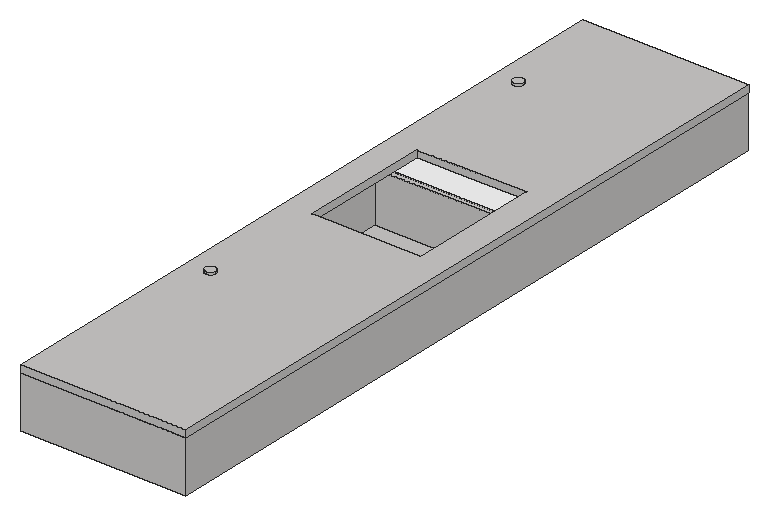
Revit family "rba-bim-B380349", category Plumbing Fixtures, host Face, Revit 2018
Family settings
  Host = Face
  Round Connector Dimension = Use Diameter
  Part Type = Normal
  OmniClass Number = 23.40.20.21.21
  OmniClass Title = Toilet Paper Dispensers
  Cut with Voids When Loaded = No
  Shared = Yes
  Room Calculation Point = No
Parameters (values of type "B-380349")
  URL = "www.rba.com.au"
  Type Comments = "Satin Finish"
  Modified Issue = "20200831.01"
  Model = "B-380349"
  Materials and Finishes = Stainless Steel Satin Finish
  Manufacturer = "Bobrick Washroom Equipment, Inc."
  Keynote = ""
  Description = "Surface-Mounted Paper Towel Dispenser And Waste Receptacle"
  Default Elevation = 1219.20 mm
  Copyright by = "RBA Group"  # constant formula
  Assembly Code = "C1030200"
  ADA Compliant = yes
Reference planes
  plane 1 "Center (Front/Back)": y = 0
  plane 2: z = 0
  plane 3 "Center (Left/Right)": x = 0
  plane 4: x = -165.1
  plane 5: x = 165.1
  plane 6: y = -700.088
  plane 7: y = 700.087
  plane 8: x = -119.062
  plane 9: x = -109.537
  plane 10: x = 107.95
  plane 11: z = 103.187
  plane 12: z = 117.475
  plane 13: y = -674.688
  plane 14: y = 674.687
  plane 15: x = 139.7
  plane 16: x = -139.7
  plane 17: y = -284.163
  plane 18: y = -44.45
  plane 19: y = 206.375
  plane 20: y = 482.6
  plane 21: y = 219.075
  plane 22: y = 179.387
  plane 23 "Elevation": y = 160.337
  plane 24: y = 150.812
  plane 25: z = 1.587
  plane 26: z = 120.65
Forms (mm)
  Extrusion 1, solid, material "Stainless Steel Satin Finish" <- "Materials and Finishes"
    sketch origin (0, 0, 0) x (1, 0, 0) y (0, 1, 0)
      loop
        line (-165.1, 700.087) -> (-165.1, -700.088) -> (165.1, -700.088) -> (165.1, 700.087) -> (-165.1, 700.087)
    from 0 to 1.587
  Extrusion 2, solid, material "Stainless Steel Satin Finish" <- "Materials and Finishes"
    sketch origin (0, 0, 0) x (1, 0, 0) y (0, 1, 0)
      loop
        line (-165.1, 700.087) -> (-165.1, -700.088) -> (165.1, -700.088) -> (165.1, 700.087) -> (-165.1, 700.087)
      loop
        line (-139.7, 674.687) -> (-139.7, -674.688) -> (139.7, -674.688) -> (139.7, 674.687) -> (-139.7, 674.687)
    from 0 to 103.187
  Extrusion 3, solid, material "Stainless Steel Satin Finish" <- "Materials and Finishes"
    sketch origin (0, 0, 0) x (1, 0, 0) y (0, 1, 0)
      loop
        line (-165.1, 700.087) -> (-165.1, -700.088) -> (165.1, -700.088) -> (165.1, 700.087) -> (-165.1, 700.087)
      loop
        line (107.95, 219.075) -> (-109.537, 219.075) -> (-109.537, -44.45) -> (107.95, -44.45) -> (107.95, 219.075)
    from 103.187 to 117.475
  Extrusion 4, solid, material "Stainless Steel Satin Finish" <- "Materials and Finishes"
    sketch origin (0, 0, 0) x (1, 0, 0) y (0, 1, 0)
      loop
        line (-139.7, 160.337) -> (-139.7, 150.812) -> (139.7, 150.812) -> (139.7, 160.337) -> (-139.7, 160.337)
    from 0 to 103.187
  Extrusion 5, solid, material "Paper Towel - Bobrick", detail levels fine
    sketch origin (0, 0, 0) x (1, 0, 0) y (0, 1, 0)
      loop
        line (-109.537, 160.337) -> (107.95, 160.337) -> (107.95, 219.075) -> (-109.537, 219.075) -> (-109.537, 160.337)
    from 1.587 to 103.187
  Extrusion 6, solid, material "Stainless Steel Satin Finish" <- "Materials and Finishes"
    sketch origin (0, 0, 0) x (1, 0, 0) y (0, 1, 0)
      loop
        circle (-119.062, 482.6) r 10.319
    from 117.475 to 120.65
  Extrusion 7, solid, material "Stainless Steel Satin Finish" <- "Materials and Finishes"
    sketch origin (0, -766.763, 0) x (1, 0, 0) y (0, 1, 0)
      loop
        circle (-119.062, 482.6) r 10.319
    from 117.475 to 120.65
Cuts and joins
  joined: Extrusion 1, Extrusion 2, Extrusion 4
Lines and regions (mm)
  Masking region 1
    outline origin (0, 0, 0) x (1, 0, 0) y (0, 1, 0)
      loop
        line (-165.1, 700.087) -> (-165.1, -700.088) -> (165.1, -700.088) -> (165.1, 700.087) -> (-165.1, 700.087)
  Masking region 2
    outline origin (0, 0, 0) x (1, 0, 0) y (0, 0, 1)
      loop
        line (-165.1, 117.475) -> (-165.1, 0) -> (165.1, 0) -> (165.1, 117.475) -> (-165.1, 117.475)
  Masking region 3, detail levels fine
    outline origin (0, 0, 0) x (1, 0, 0) y (0, 0, 1)
      loop
        line (-129.381, 120.65) -> (-129.381, 117.475) -> (-108.744, 117.475) -> (-108.744, 120.65) -> (-129.381, 120.65)
  Masking region 4
    outline origin (0, 0, 0) x (0, 1, 0) y (0, 0, 1)
      loop
        line (700.087, 117.475) -> (-700.088, 117.475) -> (-700.088, 0) -> (700.087, 0) -> (700.087, 117.475)
  Masking region 5, detail levels fine
    outline origin (0, 0, 0) x (0, 1, 0) y (0, 0, 1)
      loop
        line (492.919, 120.65) -> (472.281, 120.65) -> (472.281, 117.475) -> (492.919, 117.475) -> (492.919, 120.65)
      loop
        line (-273.844, 120.65) -> (-294.481, 120.65) -> (-294.481, 117.475) -> (-273.844, 117.475) -> (-273.844, 120.65)
  symbolic lines, detail levels medium+fine
    curve 1: line (-109.537, 219.075, 0) -> (107.95, 219.075, 0)
    curve 2: line (-109.537, -44.45, 0) -> (-109.537, 219.075, 0)
    curve 3: line (107.95, -44.45, 0) -> (-109.537, -44.45, 0)
    curve 4: line (107.95, 219.075, 0) -> (107.95, -44.45, 0)
  symbolic lines, detail levels fine
    curve 5: line (-109.537, 150.812, 0) -> (107.95, 150.812, 0)
    curve 6: line (107.95, 109.911, 0) -> (-109.537, 109.911, 0)
    curve 7: line (107.95, 145.754, 0) -> (-0.794, 145.754, 0)
    curve 8: line (-0.794, 145.754, 0) -> (-109.537, 145.754, 0)
    curve 11: spline (-119.062, 476.25, 120.65) -> (-118.76, 476.466, 120.65) -> (-118.477, 477.101, 120.65) -> (-118.235, 478.11, 120.65) -> (-118.049, 479.425, 120.65) -> (-117.932, 480.956, 120.65) -> (-117.892, 482.6, 120.65) -> (-117.932, 484.244, 120.65) -> (-118.049, 485.775, 120.65) -> (-118.235, 487.09, 120.65) -> (-118.477, 488.099, 120.65) -> (-118.76, 488.734, 120.65) -> (-119.062, 488.95, 120.65) -> (-119.365, 488.734, 120.65) -> (-119.648, 488.099, 120.65) -> (-119.89, 487.09, 120.65) -> (-120.076, 485.775, 120.65) -> (-120.193, 484.244, 120.65) -> (-120.233, 482.6, 120.65) -> (-120.193, 480.956, 120.65) -> (-120.076, 479.425, 120.65) -> (-119.89, 478.11, 120.65) -> (-119.648, 477.101, 120.65) -> (-119.365, 476.466, 120.65) -> (-119.062, 476.25, 120.65)
    curve 12: arc (-108.744, -284.163, 120.65) -> (-119.062, -273.844, 120.65) -> (-129.381, -284.163, 120.65) r 10.319
    curve 13: arc (-129.381, -284.163, 120.65) -> (-119.062, -294.481, 120.65) -> (-108.744, -284.163, 120.65) r 10.319
    curve 14: spline (-119.062, -290.513, 120.65) -> (-118.76, -290.296, 120.65) -> (-118.477, -289.662, 120.65) -> (-118.235, -288.653, 120.65) -> (-118.049, -287.338, 120.65) -> (-117.932, -285.806, 120.65) -> (-117.892, -284.163, 120.65) -> (-117.932, -282.519, 120.65) -> (-118.049, -280.988, 120.65) -> (-118.235, -279.672, 120.65) -> (-118.477, -278.663, 120.65) -> (-118.76, -278.029, 120.65) -> (-119.062, -277.813, 120.65) -> (-119.365, -278.029, 120.65) -> (-119.648, -278.663, 120.65) -> (-119.89, -279.672, 120.65) -> (-120.076, -280.988, 120.65) -> (-120.193, -282.519, 120.65) -> (-120.233, -284.163, 120.65) -> (-120.193, -285.806, 120.65) -> (-120.076, -287.338, 120.65) -> (-119.89, -288.653, 120.65) -> (-119.648, -289.662, 120.65) -> (-119.365, -290.296, 120.65) -> (-119.062, -290.513, 120.65)
    curve 15: line (-165.1, 0, 103.187) -> (165.1, 0, 103.187)
    curve 16: line (0, 700.087, 103.187) -> (0, -700.088, 103.187)
  symbolic lines
    curve 9: arc (-108.744, 482.6, 120.65) -> (-119.062, 492.919, 120.65) -> (-129.381, 482.6, 120.65) r 10.319
    curve 10: arc (-129.381, 482.6, 120.65) -> (-119.062, 472.281, 120.65) -> (-108.744, 482.6, 120.65) r 10.319
Dimensions and locks
  equal spacing: plane 4, plane 3 "Center (Left/Right)", plane 5
  locked: plane 4 to plane 5 at 330.2
  equal spacing: plane 6, plane 1 "Center (Front/Back)", plane 7
  locked: plane 6 to plane 7 at 1400.175
  locked: plane 4 to plane 8 at 46.037
  locked: plane 4 to plane 9 at 55.563
  locked: plane 10 to plane 5 at 57.15
  plane 1 "Center (Front/Back)" to plane 6 = 700.087 mm
  locked: plane 11 to plane 2 at 103.187
  locked: plane 12 to plane 11 at 14.288
  locked: plane 13 to plane 6 at 25.4
  locked: plane 14 to plane 7 at 25.4
  locked: plane 15 to plane 5 at 25.4
  locked: plane 4 to plane 16 at 25.4
  locked: plane 17 to plane 6 at 415.925
  locked: plane 18 to plane 6 at 655.638
  locked: plane 21 to plane 18 at 263.525
  locked: plane 20 to plane 7 at 217.487
  locked: plane 21 to plane 19 at 12.7
  locked: plane 19 to plane 22 at 26.987
  locked: plane 22 to plane 23 "Elevation" at 19.05
  locked: plane 23 "Elevation" to plane 24 at 9.525
  locked: plane 25 to plane 2 at 1.588
  locked: plane 26 to plane 12 at 3.175
  aligned and locked: host face to plane 2
  aligned and locked: level to host face
  aligned and locked: plane 7 to Extrusion 1 sketch curve
  aligned and locked: plane 4 to Extrusion 1 sketch curve
  aligned and locked: plane 6 to Extrusion 1 sketch curve
  aligned and locked: Extrusion 1 sketch curve to plane 5
  aligned and locked: Extrusion 1 to plane 2
  aligned and locked: plane 25 to Extrusion 1
  aligned and locked: plane 14 to Extrusion 2 sketch curve
  aligned and locked: Extrusion 2 sketch curve to plane 16
  aligned and locked: plane 13 to Extrusion 2 sketch curve
  aligned and locked: Extrusion 2 sketch curve to plane 15
  aligned and locked: Extrusion 2 to plane 2
  aligned and locked: plane 11 to Extrusion 2
  aligned and locked: plane 21 to Extrusion 3 sketch curve
  aligned and locked: plane 10 to Extrusion 3 sketch curve
  aligned and locked: Extrusion 3 sketch curve to plane 18
  aligned and locked: Extrusion 3 sketch curve to plane 9
  aligned and locked: Extrusion 3 to plane 11
  aligned and locked: plane 12 to Extrusion 3
  aligned and locked: Extrusion 4 sketch curve to plane 23 "Elevation"
  aligned and locked: Extrusion 4 sketch curve to plane 16
  aligned and locked: plane 24 to Extrusion 4 sketch curve
  aligned and locked: Extrusion 4 sketch curve to plane 15
  aligned and locked: Extrusion 4 to plane 2
  aligned and locked: plane 11 to Extrusion 4
  aligned and locked: Extrusion 5 sketch curve to plane 23 "Elevation"
  aligned and locked: Extrusion 5 sketch curve to plane 9
  aligned and locked: Extrusion 5 to plane 25
  aligned and locked: plane 11 to Extrusion 5
  aligned and locked: curve 5 to plane 24
  aligned and locked: Extrusion 6 to plane 12
  aligned and locked: plane 26 to Extrusion 6
  aligned and locked: Extrusion 7 to plane 12
  aligned and locked: plane 26 to Extrusion 7
  aligned and locked: curve 9 to Extrusion 6
  aligned and locked: curve 10 to Extrusion 6
  aligned and locked: curve 12 to Extrusion 7
  aligned and locked: curve 13 to Extrusion 7
  aligned and locked: Masking region 3 sketch curve to Extrusion 6  (x4)
  aligned and locked: Masking region 5 sketch curve to Extrusion 6  (x2)
  aligned and locked: Masking region 5 sketch curve to Extrusion 7  (x2)
  aligned and locked: plane 10 to Extrusion 5
  aligned and locked: plane 21 to Extrusion 5
  aligned and locked: plane 9 to Extrusion 3
  aligned and locked: Extrusion 5 to plane 9
  aligned and locked: plane 17 to Extrusion 7 sketch curve
  aligned and locked: plane 8 to Extrusion 7 sketch curve
  aligned and locked: plane 20 to Extrusion 6 sketch curve
  aligned and locked: plane 8 to Extrusion 6 sketch curve
  aligned and locked: cut or joined group of Extrusion 1, Extrusion 2, Extrusion 4 to plane 4
  aligned and locked: plane 7 to Extrusion 3 sketch curve
  aligned and locked: plane 4 to Extrusion 3 sketch curve
  aligned and locked: Extrusion 3 sketch curve to plane 5
  aligned and locked: plane 6 to Extrusion 3 sketch curve
  aligned and locked: plane 7 to Extrusion 2 sketch curve
  aligned and locked: plane 4 to Extrusion 2 sketch curve
  aligned and locked: Extrusion 2 sketch curve to plane 5
  aligned and locked: plane 6 to Extrusion 2 sketch curve
Automatic sketch dimensions
  host sketch curve to host sketch curve = 2438.40 mm  (x2)
  curve 11 to curve 10 = 0.00 mm  (x2)
  curve 11 to curve 10 = 6.35 mm
  curve 15 to plane 4 = 0.00 mm
  curve 15 to plane 5 = 0.00 mm
  Masking region 5 sketch curve to plane 17 = 10.319 mm
  plane 17 to Masking region 5 sketch curve = 10.319 mm
  Masking region 5 sketch curve to plane 20 = 10.319 mm
  plane 20 to Masking region 5 sketch curve = 10.319 mm
  curve 16 to plane 6 = 0.00 mm
  curve 16 to plane 7 = 0.00 mm
  curve 1 to plane 9 = 0.00 mm
  curve 6 to plane 10 = 0.00 mm
  curve 4 to plane 18 = 0.00 mm
  curve 2 to plane 21 = 0.00 mm
  plane 10 to Extrusion 5 sketch curve = 0.00 mm
  plane 21 to Extrusion 5 sketch curve = 0.00 mm
  Masking region 2 sketch curve to plane 4 = 0.00 mm
  Masking region 2 sketch curve to plane 12 = 0.00 mm
  Masking region 4 sketch curve to plane 7 = 0.00 mm
  Masking region 4 sketch curve to plane 12 = 0.00 mm
  curve 7 to plane 3 "Center (Left/Right)" = 0.794 mm
  curve 8 to curve 7 = 0.00 mm  (x2)
  curve 7 to plane 24 = 5.058 mm
  curve 16 to plane 11 = 0.00 mm
  curve 15 to plane 11 = 0.00 mm
  curve 6 to curve 8 = 35.843 mm
  curve 14 to curve 12 = 0.00 mm  (x2)
  curve 14 to curve 12 = 6.35 mm
  Masking region 1 sketch curve to plane 4 = 0.00 mm
  Masking region 1 sketch curve to plane 5 = 0.00 mm
  Masking region 1 sketch curve to plane 6 = 0.00 mm
  plane 7 to Masking region 1 sketch curve = 0.00 mm
  Masking region 2 sketch curve to level = 0.00 mm
  Masking region 2 sketch curve to plane 5 = 0.00 mm
  Masking region 4 sketch curve to plane 6 = 0.00 mm
  Masking region 4 sketch curve to level = 0.00 mm
  radius of Extrusion 6 sketch curve = 10.319 mm
  radius of Extrusion 7 sketch curve = 10.319 mm
